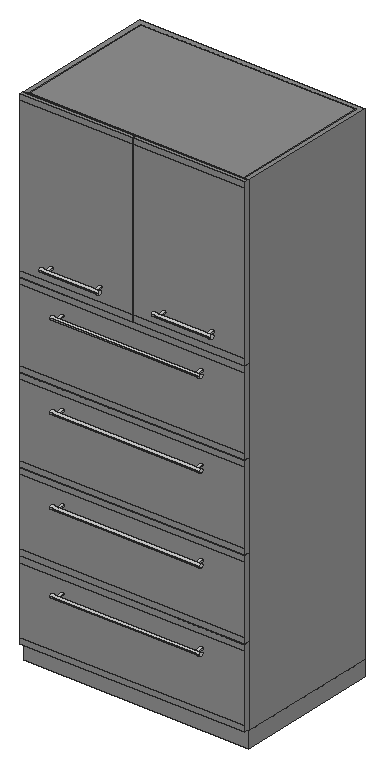
Revit family "Haworth_Masters_FreestandingLateral_5High6High", category Furniture Systems, Revit 2018
Family settings
  Round Connector Dimension = Use Diameter
  Part Type = Normal
  OmniClass Number = 23.40.70.14.64.21
  OmniClass Title = Systems Furniture
  Work Plane-Based = No
  Always vertical = Yes
  Cut with Voids When Loaded = No
  Shared = No
  Room Calculation Point = No
Parameters (values of type "24d 36w 81h")
  Width = 36"
  Warranty = "http://www.haworth.com/resources/product-info/warranties"
  Verify Final Dim. w/ Haworth = "Verify Final Dim. w/ Haworth"  # constant formula
  URL - Product = "https://www.haworth.com/products/desks/freestanding/masters-series"
  URL = "http://www.haworth.com/"
  Top Thickness = 3/4"  # constant formula
  Sustainability Info = "https://www.haworth.com/company-info/sustainability"
  Storage Width = Actual Width / 2  # 18"
  Storage Height = Actual Height - (Base Height + Drawer 1 Height + Drawer 2 Height + Drawer 3 Height + Drawer 4 Height + 1" / 8 * 4 + 5" / 32)  # 26 11/32"
  Standard Widths = "30, 36 in."  # constant formula
  Standard Depths = "19, 24 in."  # constant formula
  Six High = not(Five High)  # yes
  Pull Storage Height = Storage Height - 3 1/8"  # 23 7/32"
  Pull Finish [instance] = Haworth _ Metal _ Brushed Aluminum
  Min. Depth = 19"  # constant formula
  Max. Depth = 24"  # constant formula
  Lockbar Finish [instance] = Haworth _ Paint _ Graphite
  Linear Pull = no
  Leg Offset = 0"
  Front Finish [instance] = Haworth _ Paint _ Graphite
  Five High = no
  Finger Pull = not(or(Bar Pull, Linear Pull, Classic Pull))  # no
  Shelf Width = Actual Width - 1 1/2"  # 34 1/2"
  Shelf Depth = Actual Depth - 1 1/2"  # 22 1/2"
  Revision Number = "1"  # constant formula
  Model = "Haworth Masters"  # constant formula
  Min. Width = 30"  # constant formula
  Max. Width = 36"  # constant formula
  Min. Height = 41 5/8"  # constant formula
  Max. Height = 55 5/16"  # constant formula
  Manufacturer = "Haworth"  # constant formula
  Drawer Width = Actual Width  # 36"
  Drawer 4 Height = 13 7/16"  # constant formula
  Drawer 3 Height = if(Five High, 13 15/32", 13 1/2")  # 13 1/2"
  Drawer 2 Height = 12 9/16"  # constant formula
  Drawer 1 Height = 12 9/16"  # constant formula
  Description = "Haworth Masters - Freestanding Lateral File - 6High - 24d 36w"
  Depth = 24"
  Custom Size = not(and(or(Width = 30", Width = 36"), or(Depth = 19", Depth = 24")))  # no
  Classic Pull Length = 8"  # constant formula
  Classic Pull = no
  Cabinet Finish [instance] = Haworth _ Paint _ Graphite
  Base Height = 2 9/16"  # constant formula
  Bar Pull Storage Length = 9 1/2"  # constant formula
  Bar Pull Length = 24"  # constant formula
  Bar Pull = yes
  Author = "Haworth (Alias)"  # constant formula
  Assembly Code = "E2020200"
  Actual Width = if(Width > Max. Width, Max. Width, if(Width < Min. Width, Min. Width, Width))  # 36"
  Actual Height = if(Five High, 69", 81 5/8")  # 81 5/8"
  Standard Heights = "69, 81 5/8 in."  # constant formula
  Actual Depth = if(Depth > Max. Depth, Max. Depth, if(Depth < Min. Depth, Min. Depth, Depth))  # 24"
Types (8): name | Width | URL - Product | Storage Width | Storage Height | Six High | Pull Storage Height | Five High | Shelf Width | Shelf Depth | Drawer Width | Drawer 3 Height | Description | Depth | Actual Width | Actual Height | Actual Depth
  24d 36w 81h | 36" | "https://www.haworth.com/products/desks/freestanding/masters-series" | 18" | 26 11/32" | yes | 23 7/32" | no | 34 1/2" | 22 1/2" | 36" | 13 1/2" | "Haworth Masters - Freestanding Lateral File - 6High - 24d 36w" | 24" | 36" | 81 5/8" | 24"
  24d 30w 81h | 30" | "http://www.haworth.com/products/desks-and-storage/storage/x-series" | 15" | 26 11/32" | yes | 23 7/32" | no | 28 1/2" | 22 1/2" | 30" | 13 1/2" | "Haworth Masters - Freestanding Lateral File - 6High - 24d 30w" | 24" | 30" | 81 5/8" | 24"
  19d 36w 81h | 36" | "http://www.haworth.com/products/desks-and-storage/storage/x-series" | 18" | 26 11/32" | yes | 23 7/32" | no | 34 1/2" | 17 1/2" | 36" | 13 1/2" | "Haworth Masters - Freestanding Lateral File - 6High - 19d 36w" | 19" | 36" | 81 5/8" | 19"
  19d 30w 81h | 30" | "http://www.haworth.com/products/desks-and-storage/storage/x-series" | 15" | 26 11/32" | yes | 23 7/32" | no | 28 1/2" | 17 1/2" | 30" | 13 1/2" | "Haworth Masters - Freestanding Lateral File - 6High - 19d 30w" | 19" | 30" | 81 5/8" | 19"
  24d 36w 69h | 36" | "http://www.haworth.com/products/desks-and-storage/storage/x-series" | 18" | 13 3/4" | no | 10 5/8" | yes | 34 1/2" | 22 1/2" | 36" | 13 15/32" | "Haworth Masters - Freestanding Lateral File - 5High - 24d 36w" | 24" | 36" | 69" | 24"
  24d 30w 69h | 30" | "http://www.haworth.com/products/desks-and-storage/storage/x-series" | 15" | 13 3/4" | no | 10 5/8" | yes | 28 1/2" | 22 1/2" | 30" | 13 15/32" | "Haworth Masters - Freestanding Lateral File - 5High - 24d 30w" | 24" | 30" | 69" | 24"
  19d 36w 69h | 36" | "http://www.haworth.com/products/desks-and-storage/storage/x-series" | 18" | 13 3/4" | no | 10 5/8" | yes | 34 1/2" | 17 1/2" | 36" | 13 15/32" | "Haworth Masters - Freestanding Lateral File - 5High - 19d 36w" | 19" | 36" | 69" | 19"
  19d 30w 69h | 30" | "http://www.haworth.com/products/desks-and-storage/storage/x-series" | 15" | 13 3/4" | no | 10 5/8" | yes | 28 1/2" | 17 1/2" | 30" | 13 15/32" | "Haworth Masters - Freestanding Lateral File - 5High - 19d 30w" | 19" | 30" | 69" | 19"
Reference planes (in)
  plane 1 "Back": y = 0
  plane 2: z = 0
  plane 3 "Center L/R": x = 0
  plane 4 "Left": x = -18
  plane 5 "Right": x = 18
  plane 6 "Back of Drawer": y = -23.25
  plane 7 "Front": y = -24
  plane 8 "Bottom of Cabinet": z = 0
  plane 9 "feet back": y = -2
  plane 10 "feet front": y = -21.25
  plane 11 "Feet Right": x = 16
  plane 12 "Feet Left": x = -16
  plane 13 "Bottom Drawer": z = 2.5625
  plane 14 "Left Inside": x = -17.25
  plane 15 "Right Inside": x = 17.25
  plane 16 "Center F/B": y = -11.625
  plane 17 "Cabinet Back Inside": y = -0.75
  plane 18 "Top": z = 81.625
  plane 19: z = 80.875
Forms (in)
  Extrusion 1, solid, material "Haworth _ Paint _ Graphite" <- "Cabinet Finish"
    sketch origin (0, 0, -18.75) x (1, 0, 0) y (0, 1, 0)
      loop
        line (-18, 0) -> (-18, -23.25) -> (18, -23.25) -> (18, 0) -> (-18, 0)
    from 18.75 to 21.3125
  Extrusion 2, solid, material "Haworth _ Paint _ Graphite" <- "Cabinet Finish"
    sketch origin (0, 0, 21.75) x (1, 0, 0) y (0, 1, 0)
      loop
        line (-17.25, -0.75) -> (-17.25, -23.25) -> (17.25, -23.25) -> (17.25, -0.75) -> (-17.25, -0.75)
    from 59.125 to 59.875
  Extrusion 3, solid, material "Haworth _ Paint _ Graphite" <- "Cabinet Finish"
    sketch origin (0, 0, 0) x (1, 0, 0) y (0, 1, 0)
      loop
        line (-18, -23.25) -> (-17.25, -23.25) -> (-17.25, -0.75) -> (17.25, -0.75) -> (17.25, -23.25) -> (18, -23.25) -> (18, 0) -> (-18, 0) -> (-18, -23.25)
    from 2.5625 to 81.625
Lines and regions (in)
  Masking region 1
    outline origin (0, 0, 0) x (1, 0, 0) y (0, 1, 0)
      loop
        line (-18, 0) -> (-18, -24) -> (18, -24) -> (18, 0) -> (-18, 0)
Dimensions and locks (in)
  locked: plane 6 "Back of Drawer" to plane 7 "Front" at 0.75
  "Actual Depth": plane 1 "Back" to plane 7 "Front"
  "Actual Width": plane 4 "Left" to plane 5 "Right"
  equal spacing: plane 4 "Left", plane 3 "Center L/R", plane 5 "Right"
  locked: plane 11 "Feet Right" to plane 5 "Right" at 2
  locked: plane 4 "Left" to plane 12 "Feet Left" at 2
  locked: plane 10 "feet front" to plane 6 "Back of Drawer" at 2
  locked: plane 1 "Back" to plane 9 "feet back" at 2
  "Base Height": plane 13 "Bottom Drawer" to plane 8 "Bottom of Cabinet"
  locked: plane 14 "Left Inside" to plane 4 "Left" at 0.75
  locked: plane 5 "Right" to plane 15 "Right Inside" at 0.75
  equal spacing: plane 6 "Back of Drawer", plane 16 "Center F/B", plane 1 "Back"
  locked: nested 1 to plane 13 "Bottom Drawer" at 0.125
  locked: plane 17 "Cabinet Back Inside" to plane 1 "Back" at 0.75
  locked: nested 2 to nested 1 at 0.125
  "Leg Offset": plane 8 "Bottom of Cabinet" to level
  locked: nested 3 to nested 2 at 0.15625
  "Top Thickness": plane 18 "Top" to plane 19
  locked: nested 4 to nested 3 at 0.125
  "Actual Height": plane 18 "Top" to plane 8 "Bottom of Cabinet"
  aligned: plane 3 "Center L/R" to nested 1
  aligned and locked: nested 1 to plane 6 "Back of Drawer"
  aligned: level to plane 2
  aligned: nested 1 to plane 13 "Bottom Drawer"
  aligned and locked: plane 8 "Bottom of Cabinet" to Extrusion 1
  aligned and locked: plane 13 "Bottom Drawer" to Extrusion 1
  aligned and locked: plane 4 "Left" to Extrusion 1 sketch curve
  aligned and locked: plane 5 "Right" to Extrusion 1 sketch curve
  aligned and locked: plane 6 "Back of Drawer" to Extrusion 1 sketch curve
  aligned and locked: plane 1 "Back" to Extrusion 1 sketch curve
  aligned and locked: plane 4 "Left" to nested 2
  aligned and locked: plane 4 "Left" to nested 1
  aligned: Extrusion 2 to plane 4 "Left"
  aligned: Extrusion 2 to plane 5 "Right"
  aligned and locked: plane 5 "Right" to Masking region 1 sketch curve
  aligned and locked: nested 1 to Extrusion 3 sketch curve
  aligned and locked: plane 1 "Back" to Extrusion 3 sketch curve
  aligned and locked: plane 5 "Right" to Extrusion 3 sketch curve
  aligned and locked: Extrusion 3 to plane 13 "Bottom Drawer"
  aligned and locked: plane 15 "Right Inside" to Extrusion 3 sketch curve
  aligned and locked: Extrusion 3 sketch curve to plane 14 "Left Inside"
  aligned and locked: plane 6 "Back of Drawer" to Extrusion 3 sketch curve  (x2)
  aligned and locked: Extrusion 3 to plane 17 "Cabinet Back Inside"
  aligned: nested 2 to plane 7 "Front"
  aligned and locked: nested 2 to plane 6 "Back of Drawer"
  aligned and locked: Masking region 1 to plane 7 "Front"
  aligned and locked: Masking region 1 to plane 4 "Left"
  aligned and locked: Masking region 1 to plane 1 "Back"
  aligned and locked: plane 6 "Back of Drawer" to Extrusion 2 sketch curve
  aligned and locked: plane 14 "Left Inside" to Extrusion 2 sketch curve
  aligned and locked: Extrusion 2 sketch curve to plane 15 "Right Inside"
  aligned and locked: Extrusion 2 sketch curve to plane 17 "Cabinet Back Inside"
  aligned and locked: plane 3 "Center L/R" to nested 4
  aligned and locked: plane 3 "Center L/R" to nested 3
  aligned and locked: nested 3 to plane 6 "Back of Drawer"
  aligned and locked: nested 4 to plane 6 "Back of Drawer"
  aligned and locked: plane 7 "Front" to Masking region 1 sketch curve
  aligned and locked: plane 1 "Back" to Masking region 1 sketch curve
  aligned and locked: plane 4 "Left" to Masking region 1 sketch curve
  aligned and locked: plane 18 "Top" to Extrusion 3
  aligned and locked: plane 18 "Top" to Extrusion 2
  aligned and locked: plane 19 to Extrusion 2
  aligned and locked: plane 4 "Left" to nested 5
  aligned and locked: nested 5 to plane 7 "Front"
  aligned and locked: plane 5 "Right" to nested 6
  aligned and locked: nested 6 to plane 7 "Front"
  aligned and locked: plane 18 "Top" to nested 5
  aligned and locked: plane 18 "Top" to nested 6
Automatic sketch dimensions
  plane 1 "Back" to Extrusion 3 sketch curve = 3/4"
Nested families (in)
  nested 1: "Haworth_Masters_Drawer" at (0, -22.98787, 2.6875), Drawer Height <- "Drawer 1 Height", Finger Pull Bottom <- "Finger Pull", type "Haworth_Drawer"
    with Finger Pull Top Distance 0", Finger Pull Top no, Finger Pull Side Distance 3/4", Finger Pull Bottom Distance 0", Finger Pull Bottom no, Drawer Height 12 9/16", Bottom Finger Pull Side Distance 3/4", Drawer Width 36", Classic Pull Length 8", Bar Pull Length 24"
  nested 2: "Haworth_Masters_Drawer" at (0, -22.98787, 15.375), Drawer Height <- "Drawer 2 Height", Finger Pull Bottom <- "Finger Pull", type "Haworth_Drawer"
    with Finger Pull Top Distance 0", Finger Pull Top no, Finger Pull Side Distance 3/4", Finger Pull Bottom Distance 0", Finger Pull Bottom no, Drawer Height 12 9/16", Bottom Finger Pull Side Distance 3/4", Drawer Width 36", Classic Pull Length 8", Bar Pull Length 24"
  nested 3: "Haworth_Masters_Drawer" at (0, -22.98787, 28.09375), Drawer Height <- "Drawer 3 Height", Finger Pull Bottom <- "Finger Pull", type "Haworth_Drawer"
    with Finger Pull Top Distance 0", Finger Pull Top no, Finger Pull Side Distance 3/4", Finger Pull Bottom Distance 0", Finger Pull Bottom no, Drawer Height 13 1/2", Bottom Finger Pull Side Distance 3/4", Drawer Width 36", Classic Pull Length 8", Bar Pull Length 24"
  nested 4: "Haworth_Masters_Drawer" at (0, -22.98787, 41.71875), Drawer Height <- "Drawer 4 Height", Finger Pull Bottom <- "Finger Pull", type "Haworth_Drawer"
    with Finger Pull Top Distance 0", Finger Pull Top no, Finger Pull Side Distance 3/4", Finger Pull Bottom Distance 0", Finger Pull Bottom no, Drawer Height 13 7/16", Bottom Finger Pull Side Distance 3/4", Drawer Width 36", Classic Pull Length 8", Bar Pull Length 24"
  nested 5: "Haworth_Masters_Drawer" at (-9, -22.98787, 55.28125), Finger Pull Bottom <- "Finger Pull", Drawer Height <- "Storage Height", type "Haworth_Storage"
    with Finger Pull Top Distance 0", Finger Pull Top no, Finger Pull Side Distance 3/4", Finger Pull Bottom Distance 0", Finger Pull Bottom no, Drawer Height 26 11/32", Bottom Finger Pull Side Distance 3/4", Pull Height 23 7/32", Drawer Width 18", Classic Pull Length 8", Bar Pull Length 9 1/2"
  nested 6: "Haworth_Masters_Drawer" at (9, -22.98787, 55.28125), Finger Pull Bottom <- "Finger Pull", Drawer Height <- "Storage Height", type "Haworth_Storage"
    with Finger Pull Top Distance 0", Finger Pull Top no, Finger Pull Side Distance 3/4", Finger Pull Bottom Distance 0", Finger Pull Bottom no, Drawer Height 26 11/32", Bottom Finger Pull Side Distance 3/4", Pull Height 23 7/32", Drawer Width 18", Classic Pull Length 8", Bar Pull Length 9 1/2"
Definition of nested family "Haworth_Masters_Drawer"
  Parameters (values of type "Haworth_Drawer")
    Pull Linear = no
    Pull Height = 3"
    Pull Finish = none
    Pull Bar = yes
    Pull Classic = no
    Front Finish = none
    Finger Pull Top Distance [instance] = if(Finger Pull Top, 7/8", 0")  # 7/8"
    Finger Pull Top [instance] = yes
    Finger Pull Side Distance [instance] = if(Finger Pull Top, 1/8", 3/4")  # 1/8"
    Finger Pull Location = 1/8"
    Finger Pull Bottom Distance [instance] = if(Finger Pull Bottom, 7/8", 0")  # 7/8"
    Finger Pull Bottom [instance] = yes
    Drawer Width = 35 7/8"
    Drawer Height [instance] = 18"
    Drawer Finish = none
    Classic Pull Length = 7 1/16"
    Bottom Finger Pull Side Distance [instance] = if(Finger Pull Bottom, 1/8", 3/4")  # 1/8"
    Bar Pull Length = 29 7/8"
    Assembly Code = ""
  Reference planes (in)
    plane 1 "Drawer Back": y = -0.26213
    plane 2: z = 0
    plane 3 "Center L/R": x = 0
    plane 4 "Drawer Front": y = -1.01213
    plane 5 "Left": x = -17.9375
    plane 6 "Right": x = 17.9375
    plane 7 "Top": z = 18
    plane 8: y = -4.26213
    plane 9: y = -3.26213
    plane 10 "Integral Top": z = 14.71875
    plane 11 "Pull Location": z = 15
    plane 12 "Integral Bottom": z = 15.28125
    plane 13: z = 16.75
    plane 14: z = 17.3125
    plane 15: x = -18.0625
    plane 16: x = -18.1875
    plane 17: y = -0.375
    plane 18 "Top Finger Pull Side Offset": y = -0.38713
    plane 19 "Finger Pull Top Offset": z = 17.125
    plane 20 "Bottom Finger Pull Side Offset": y = -0.38713
    plane 21 "Finger Pull Bottom Offset": z = 0.875
    plane 22: z = 0.875
    plane 23: y = -0.38713
    plane 24: z = 17.125
  Forms (in)
    Extrusion 1, solid, material <- "Drawer Finish"
      sketch origin (-17.9375, 0, 2.25) x (0, 1, 0) y (0, 0, 1)
        loop
          line (-0.26213, 15.75) -> (-0.38713, 15.75) -> (-0.38713, 14.875) -> (-1.01213, 14.875) -> (-1.01213, -1.375) -> (-0.38713, -1.375) -> (-0.38713, -2.25) -> (-0.26213, -2.25) -> (-0.26213, 15.75)
      from 0 to 35.875
  Dimensions and locks (in)
    equal spacing: plane 5 "Left", plane 3 "Center L/R", plane 6 "Right"
    "Drawer Width": plane 5 "Left" to plane 6 "Right"
    locked: plane 1 "Drawer Back" to plane 4 "Drawer Front" at 0.75
    "Drawer Height": plane 7 "Top" to level
    locked: plane 8 to plane 1 "Drawer Back" at 4
    locked: plane 8 to plane 9 at 1
    "Pull Height": plane 7 "Top" to plane 11 "Pull Location"
    equal spacing: plane 12 "Integral Bottom", plane 11 "Pull Location", plane 10 "Integral Top"
    locked: plane 12 "Integral Bottom" to plane 10 "Integral Top" at 0.5625
    "Finger Pull Location": plane 15 to plane 16
    locked: plane 5 "Left" to plane 16 at 0.25
    plane 7 "Top" to plane 14 to plane 13 = 11/16" locked, 9/16" locked
    "Finger Pull Top Distance": plane 7 "Top" to plane 19 "Finger Pull Top Offset"
    "Finger Pull Side Distance": plane 1 "Drawer Back" to plane 18 "Top Finger Pull Side Offset"
    locked: plane 22 to level at 0.875
    "Bottom Finger Pull Side Distance": plane 1 "Drawer Back" to plane 20 "Bottom Finger Pull Side Offset"
    "Finger Pull Bottom Distance": plane 21 "Finger Pull Bottom Offset" to level
    plane 1 "Drawer Back" to Extrusion 1 = 3/4"
    locked: plane 1 "Drawer Back" to plane 23 at 0.125
    locked: plane 7 "Top" to plane 24 at 0.875
    aligned and locked: Extrusion 1 to plane 6 "Right"
    aligned and locked: plane 1 "Drawer Back" to Extrusion 1 sketch curve
    aligned and locked: plane 7 "Top" to Extrusion 1 sketch curve
    aligned: plane 7 "Top" to nested 1
    aligned and locked: nested 1 to plane 4 "Drawer Front"
    aligned and locked: nested 1 to plane 11 "Pull Location"
    aligned and locked: plane 3 "Center L/R" to nested 1
    aligned and locked: plane 19 "Finger Pull Top Offset" to Extrusion 1 sketch curve
    aligned and locked: Extrusion 1 sketch curve to plane 18 "Top Finger Pull Side Offset"
    aligned and locked: plane 21 "Finger Pull Bottom Offset" to Extrusion 1 sketch curve
    aligned and locked: plane 20 "Bottom Finger Pull Side Offset" to Extrusion 1 sketch curve
    aligned and locked: plane 23 to Extrusion 1 sketch curve  (x2)
    aligned and locked: plane 22 to Extrusion 1 sketch curve
    aligned and locked: plane 24 to Extrusion 1 sketch curve
  Automatic sketch dimensions
    Extrusion 1 sketch curve to plane 4 "Drawer Front" = 0"
    Extrusion 1 sketch curve to level = 0"
  Nested families (in)
    nested 1: "Haworth_Drawer-Pulls" at (0, -1.01213, 15), type "Pull", detail levels medium+fine
      with Bar Pull Length 29 7/8", Bar Pull yes
  Definition of nested family "Haworth_Drawer-Pulls"
    Parameters
      Linear = no
      Handle Finish = none
      Classic Pull Length = 7 1/16"
      Classic = no
      Bar Pull Length = 10"
      Bar Pull = no
      Assembly Code = ""
    Reference planes (in)
      plane 1 "Center Front/Back": y = 0
      plane 2: z = 0
      plane 3 "Center Left/Right": x = 0
      plane 4: x = -5
      plane 5: x = 5
      plane 6 "left classic": x = -3.53125
      plane 7 "right classic": x = 3.53125
      plane 8: x = 4.125
      plane 9: x = -4.125
      plane 10: x = -4
      plane 11: x = 4
    Forms (in)
      Extrusion 1, solid, material <- "Handle Finish", visible <- "Linear"
        sketch origin (0, 0, 0.125) x (1, 0, 0) y (0, 1, 0)
          loop
            line (-4, 0) -> (-4, -1.25) -> (4, -1.25) -> (4, 0) -> (3, 0) -> (3, -1) -> (-3, -1) -> (-3, 0) -> (-4, 0)
        from 0 to -0.25
      Extrusion 2, solid, material <- "Handle Finish", visible <- "Classic"
        sketch origin (0, 0, 0.375) x (1, 0, 0) y (0, 0, 1)
          loop
            line (-3.53125, 0) -> (-3.53125, -0.75)
            arc (-3.53125, -0.75) -> (-3.15625, -0.375) -> (-3.53125, 0) r 0.375
        from 0 to 1
      Extrusion 3, solid, material <- "Handle Finish", visible <- "Classic"
        sketch origin (0, 0, 0.375) x (-1, 0, 0) y (0, 0, -1)
          loop
            arc (-3.53125, 0.00132) -> (-3.15757, 0.375) -> (-3.53125, 0.74868) r 0.37368
            line (-3.53125, 0.74868) -> (-3.53125, 0.00132)
        from 0 to 1
      Extrusion 4, solid, material <- "Handle Finish", visible <- "Classic"
        sketch origin (0, 0, 0.375) x (1, 0, 0) y (0, 0, 1)
          loop
            line (-3.53125, 0) -> (-3.53125, -0.75) -> (3.53125, -0.75) -> (3.53125, 0) -> (-3.53125, 0)
        from 1 to 1.25
      Extrusion 5, solid, material <- "Handle Finish", visible <- "Bar Pull"
        sketch origin (3.78314, -0.03024, -1.5) x (1, 0, 0) y (0, 0, 1)
          loop
            circle (0.34186, 1.5) r 0.1875
        from 0 to 1.21976
      Extrusion 6, solid, material <- "Handle Finish", visible <- "Bar Pull"
        sketch origin (0, 0.03125, 0) x (0, 1, 0) y (0, 0, 1)
          loop
            circle (-1.25, 0) r 0.25
        from -5 to 5
      Extrusion 7, solid, material <- "Handle Finish", visible <- "Bar Pull"
        sketch origin (-1.21686, -0.03024, -1.5) x (1, 0, 0) y (0, 0, 1)
          loop
            circle (-2.90814, 1.5) r 0.1875
        from 0 to 1.21976
    Cuts and joins
      joined: Extrusion 2, Extrusion 3, Extrusion 4
      joined: Extrusion 5, Extrusion 6, Extrusion 7
    Dimensions and locks (in)
      equal spacing: plane 5, plane 3 "Center Left/Right", plane 4
      "Bar Pull Length": plane 5 to plane 4
      equal spacing: plane 6 "left classic", plane 3 "Center Left/Right", plane 7 "right classic"
      "Classic Pull Length": plane 6 "left classic" to plane 7 "right classic"
      locked: plane 5 to plane 8 at 0.875
      locked: plane 9 to plane 4 at 0.875
      equal spacing: plane 10, plane 3 "Center Left/Right", plane 11
      plane 10 to plane 11 = 8"
      locked: Extrusion 1 sketch curve to Extrusion 1 sketch curve at 1  (x2)
      aligned and locked: plane 5 to Extrusion 6
      aligned and locked: Extrusion 6 to plane 4
      aligned and locked: plane 6 "left classic" to Extrusion 4 sketch curve
      aligned and locked: plane 7 "right classic" to Extrusion 4 sketch curve
      aligned and locked: plane 7 "right classic" to Extrusion 3 sketch curve
      aligned and locked: Extrusion 2 sketch curve to plane 6 "left classic"
      aligned and locked: plane 8 to Extrusion 5 sketch curve
      aligned and locked: plane 9 to Extrusion 7 sketch curve
      aligned and locked: plane 10 to Extrusion 1 sketch curve
      aligned and locked: Extrusion 1 sketch curve to plane 11
    Automatic sketch dimensions
      Extrusion 2 sketch curve to level = 0"
      Extrusion 2 sketch curve to level = 3/8"
      Extrusion 3 sketch curve to level = 0"
      level to Extrusion 3 sketch curve = 0.37368"
      Extrusion 4 sketch curve to level = 3/8"
      level to Extrusion 4 sketch curve = 3/8"
      level to Extrusion 5 sketch curve = 0"
      level to Extrusion 6 sketch curve = 0"
      plane 1 "Center Front/Back" to Extrusion 6 sketch curve = 1 7/32"
      level to Extrusion 7 sketch curve = 0"
      plane 1 "Center Front/Back" to Extrusion 1 sketch curve = 0"  (x2)
      plane 1 "Center Front/Back" to Extrusion 1 sketch curve = 1"
      Extrusion 1 sketch curve to Extrusion 1 sketch curve = 1/4"
      radius of Extrusion 5 sketch curve = 3/16"
      radius of Extrusion 6 sketch curve = 1/4"
      radius of Extrusion 7 sketch curve = 3/16"
